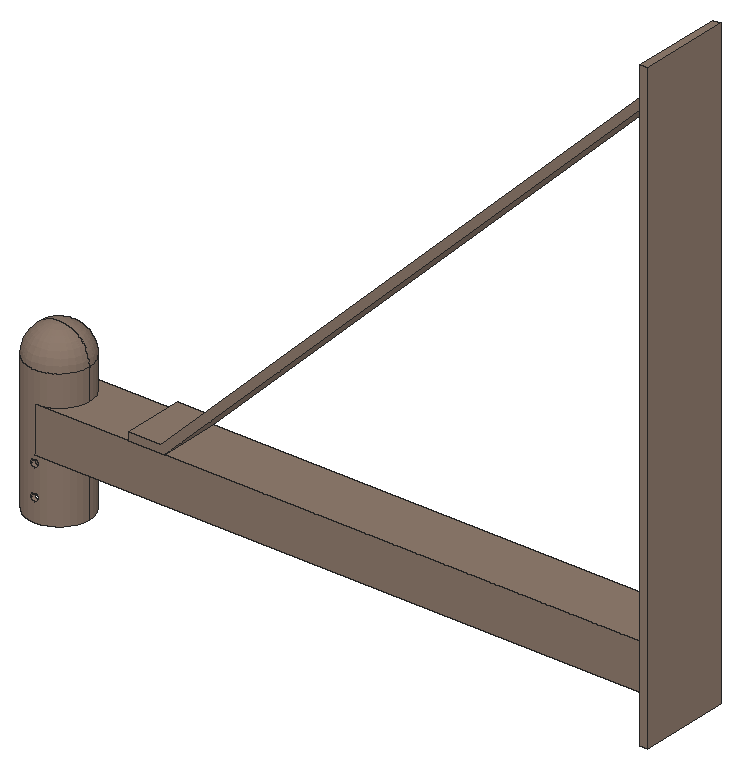
Revit family "WM319", category Generic Models, Revit 2014
Parameters
  WALL MOUNT = Bronze, Architectural
  COUPLING = Bronze, Architectural
  ARM = Bronze, Architectural
Reference planes (in)
  plane 1 "Center (Front/Back)": y = 0
  plane 2: z = 0
  plane 3 "Center (Left/Right)": x = 0
  plane 4: x = -0.25
Forms (in)
  Extrusion 1, solid, material "Bronze, Architectural" <- "WALL MOUNT"
    sketch origin (0.59247, -9.50417, 0) x (0, 1, 0) y (0, 0, 1)
      loop
        line (8.00417, 25.94783) -> (11.00417, 25.94783) -> (11.00417, 45.94783) -> (8.00417, 45.94783) -> (8.00417, 25.94783)
    from -0.84247 to -0.59247
  Revolve 2, solid, material "Bronze, Architectural" <- "COUPLING"
    sketch origin (0, 0, 0) x (1, 0, 0) y (0, 0, 1)
      loop
        line (-21.50553, 29.65862) -> (-21.50553, 25.15862) -> (-20.50553, 25.15862) -> (-20.50553, 30.65862)
        arc (-20.50553, 30.65862) -> (-21.21263, 30.36573) -> (-21.50553, 29.65862) r 1
      axis (-20.50553, 25.15862) -> (-20.50553, 30.65862)
    angle from 0 to 360
  Extrusion 3, solid, material "Bronze, Architectural" <- "ARM"
    sketch origin (0, 0, 0) x (1, 0, 0) y (0, 0, 1)
      loop
        line (-20.50109, 27.15862) -> (-0.25553, 27.15862) -> (-0.25553, 28.65862) -> (-20.50109, 28.65862) -> (-20.50109, 27.15862)
    from -1 to 1
  Extrusion 4, solid, material "Bronze, Architectural" <- "ARM"
    sketch origin (0.00488, 0, 0) x (1, 0, 0) y (0, 0, 1)
      loop
        line (-0.50553, 44.76217) -> (-16.35908, 28.90862) -> (-17.42158, 28.90862) -> (-17.42158, 28.65862) -> (-16.25553, 28.65862) -> (-0.25553, 44.65862) -> (-0.25553, 45.51217) -> (-0.50553, 45.51217) -> (-0.50553, 44.76217)
    from -1 to 1
  Revolve 5, void
    sketch origin (0, 0, 0) x (1, 0, 0) y (0, 0, 1)
      loop
        line (-21.38053, 25.15862) -> (-20.50553, 25.15862) -> (-20.50553, 29.40862) -> (-21.38053, 29.40862) -> (-21.38053, 25.15862)
      axis (-20.50553, 25.15862) -> (-20.50553, 29.40862)
    angle from 0 to 360
  Extrusion 6, void
    sketch origin (0, 0, 0) x (1, 0, 0) y (0, 0, 1)
      loop
        circle (-20.50553, 25.90862) r 0.125
      loop
        circle (-20.50553, 26.90862) r 0.125
    from -1.11096 to 1.13078
Cuts and joins
  Revolve 5, Extrusion 6 cuts Revolve 2
  Revolve 5 cuts Extrusion 3
Dimensions and locks (in)
  aligned and locked: plane 2 to level
